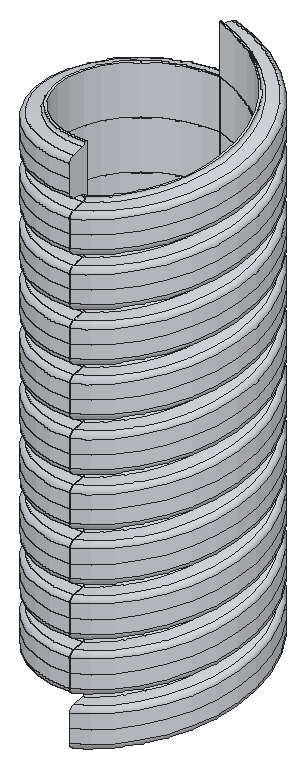
Revit family "110611-00006", category Обобщенные модели, Revit 2019 (continued)
Automatic sketch dimensions
  SweptBlend 17 sketch curve to SweptBlend 17 sketch curve = 7.487 mm  (x2)
  SweptBlend 17 sketch curve to SweptBlend 17 sketch curve = 0.347 mm  (x4)
  profile plane to SweptBlend 17 sketch curve = 23.24 mm
  SweptBlend 17 sketch curve to SweptBlend 17 sketch curve = 1.97 mm  (x7)
  SweptBlend 17 sketch curve to SweptBlend 17 sketch curve = 1.341 mm  (x2)
  SweptBlend 17 sketch curve to SweptBlend 17 sketch curve = 1.381 mm  (x4)
  SweptBlend 17 sketch curve to SweptBlend 17 sketch curve = 17.815 mm
  SweptBlend 17 sketch curve to SweptBlend 17 sketch curve = 8.907 mm  (x3)
  profile plane to SweptBlend 17 sketch curve = 41.513 mm
  profile plane to SweptBlend 17 sketch curve = 38.661 mm  (x2)
  profile plane to SweptBlend 17 sketch curve = 38.062 mm  (x2)
  profile plane to SweptBlend 17 sketch curve = 31.174 mm  (x2)
  profile plane to SweptBlend 17 sketch curve = 31.179 mm
  SweptBlend 17 sketch curve to SweptBlend 17 sketch curve = 0.343 mm
  profile plane to SweptBlend 18 sketch curve = 42.787 mm
  SweptBlend 18 sketch curve to SweptBlend 18 sketch curve = 2.851 mm  (x4)
  SweptBlend 18 sketch curve to SweptBlend 18 sketch curve = 3.451 mm
  SweptBlend 18 sketch curve to SweptBlend 18 sketch curve = 0.599 mm  (x2)
  SweptBlend 18 sketch curve to SweptBlend 18 sketch curve = 7.487 mm  (x4)
  SweptBlend 18 sketch curve to SweptBlend 18 sketch curve = 0.347 mm  (x4)
  SweptBlend 18 sketch curve to SweptBlend 18 sketch curve = 1.97 mm  (x7)
  SweptBlend 18 sketch curve to SweptBlend 18 sketch curve = 1.341 mm  (x2)
  profile plane to SweptBlend 18 sketch curve = 52.927 mm
  SweptBlend 18 sketch curve to SweptBlend 18 sketch curve = 0.343 mm
  SweptBlend 18 sketch curve to SweptBlend 18 sketch curve = 1.381 mm  (x3)
  SweptBlend 18 sketch curve to SweptBlend 18 sketch curve = 8.907 mm  (x4)
  profile plane to SweptBlend 18 sketch curve = 6.272 mm
  profile plane to SweptBlend 18 sketch curve = 41.513 mm
  profile plane to SweptBlend 18 sketch curve = 2.874 mm
  profile plane to SweptBlend 18 sketch curve = 1.492 mm
  profile plane to SweptBlend 19 sketch curve = 42.787 mm
  SweptBlend 19 sketch curve to SweptBlend 19 sketch curve = 2.851 mm  (x2)
  SweptBlend 19 sketch curve to SweptBlend 19 sketch curve = 0.599 mm  (x2)
  SweptBlend 19 sketch curve to SweptBlend 19 sketch curve = 7.487 mm  (x2)
  SweptBlend 19 sketch curve to SweptBlend 19 sketch curve = 0.347 mm  (x4)
  profile plane to SweptBlend 19 sketch curve = 23.24 mm
  SweptBlend 19 sketch curve to SweptBlend 19 sketch curve = 1.97 mm  (x7)
  SweptBlend 19 sketch curve to SweptBlend 19 sketch curve = 1.341 mm  (x2)
  SweptBlend 19 sketch curve to SweptBlend 19 sketch curve = 1.381 mm  (x4)
  SweptBlend 19 sketch curve to SweptBlend 19 sketch curve = 17.815 mm
  SweptBlend 19 sketch curve to SweptBlend 19 sketch curve = 8.907 mm  (x3)
  profile plane to SweptBlend 19 sketch curve = 41.513 mm
  profile plane to SweptBlend 19 sketch curve = 38.661 mm  (x2)
  profile plane to SweptBlend 19 sketch curve = 38.062 mm  (x2)
  profile plane to SweptBlend 19 sketch curve = 31.174 mm  (x2)
  profile plane to SweptBlend 19 sketch curve = 31.179 mm
  SweptBlend 19 sketch curve to SweptBlend 19 sketch curve = 0.343 mm
  profile plane to SweptBlend 20 sketch curve = 42.787 mm
  SweptBlend 20 sketch curve to SweptBlend 20 sketch curve = 2.851 mm  (x4)
  SweptBlend 20 sketch curve to SweptBlend 20 sketch curve = 3.451 mm
  SweptBlend 20 sketch curve to SweptBlend 20 sketch curve = 0.599 mm  (x2)
  SweptBlend 20 sketch curve to SweptBlend 20 sketch curve = 7.487 mm  (x4)
  SweptBlend 20 sketch curve to SweptBlend 20 sketch curve = 0.347 mm  (x4)
  SweptBlend 20 sketch curve to SweptBlend 20 sketch curve = 1.97 mm  (x7)
  SweptBlend 20 sketch curve to SweptBlend 20 sketch curve = 1.341 mm  (x2)
  profile plane to SweptBlend 20 sketch curve = 52.927 mm
  SweptBlend 20 sketch curve to SweptBlend 20 sketch curve = 0.343 mm
  SweptBlend 20 sketch curve to SweptBlend 20 sketch curve = 1.381 mm  (x3)
  SweptBlend 20 sketch curve to SweptBlend 20 sketch curve = 8.907 mm  (x4)
  profile plane to SweptBlend 20 sketch curve = 6.272 mm
  profile plane to SweptBlend 20 sketch curve = 41.513 mm
  profile plane to SweptBlend 20 sketch curve = 2.874 mm
  profile plane to SweptBlend 20 sketch curve = 1.492 mm
  profile plane to SweptBlend 21 sketch curve = 42.787 mm
  SweptBlend 21 sketch curve to SweptBlend 21 sketch curve = 2.851 mm  (x2)
  SweptBlend 21 sketch curve to SweptBlend 21 sketch curve = 0.599 mm  (x2)
  SweptBlend 21 sketch curve to SweptBlend 21 sketch curve = 7.487 mm  (x2)
  SweptBlend 21 sketch curve to SweptBlend 21 sketch curve = 0.347 mm  (x4)
  profile plane to SweptBlend 21 sketch curve = 23.24 mm
  SweptBlend 21 sketch curve to SweptBlend 21 sketch curve = 1.97 mm  (x7)
  SweptBlend 21 sketch curve to SweptBlend 21 sketch curve = 1.341 mm  (x2)
  SweptBlend 21 sketch curve to SweptBlend 21 sketch curve = 1.381 mm  (x4)
  SweptBlend 21 sketch curve to SweptBlend 21 sketch curve = 17.815 mm
  SweptBlend 21 sketch curve to SweptBlend 21 sketch curve = 8.907 mm  (x3)
  profile plane to SweptBlend 21 sketch curve = 41.513 mm
  profile plane to SweptBlend 21 sketch curve = 38.661 mm  (x2)
  profile plane to SweptBlend 21 sketch curve = 38.062 mm  (x2)
  profile plane to SweptBlend 21 sketch curve = 31.174 mm  (x2)
  profile plane to SweptBlend 21 sketch curve = 31.179 mm
  SweptBlend 21 sketch curve to SweptBlend 21 sketch curve = 0.343 mm
  profile plane to SweptBlend 22 sketch curve = 42.787 mm
  SweptBlend 22 sketch curve to SweptBlend 22 sketch curve = 2.851 mm  (x4)
  SweptBlend 22 sketch curve to SweptBlend 22 sketch curve = 3.451 mm
  SweptBlend 22 sketch curve to SweptBlend 22 sketch curve = 0.599 mm  (x2)
  SweptBlend 22 sketch curve to SweptBlend 22 sketch curve = 7.487 mm  (x4)
  SweptBlend 22 sketch curve to SweptBlend 22 sketch curve = 0.347 mm  (x4)
  SweptBlend 22 sketch curve to SweptBlend 22 sketch curve = 1.97 mm  (x7)
  SweptBlend 22 sketch curve to SweptBlend 22 sketch curve = 1.341 mm  (x2)
  profile plane to SweptBlend 22 sketch curve = 52.927 mm
  SweptBlend 22 sketch curve to SweptBlend 22 sketch curve = 0.343 mm
  SweptBlend 22 sketch curve to SweptBlend 22 sketch curve = 1.381 mm  (x3)
  SweptBlend 22 sketch curve to SweptBlend 22 sketch curve = 8.907 mm  (x4)
  profile plane to SweptBlend 22 sketch curve = 6.272 mm
  profile plane to SweptBlend 22 sketch curve = 41.513 mm
  profile plane to SweptBlend 22 sketch curve = 2.874 mm
  profile plane to SweptBlend 22 sketch curve = 1.492 mm
